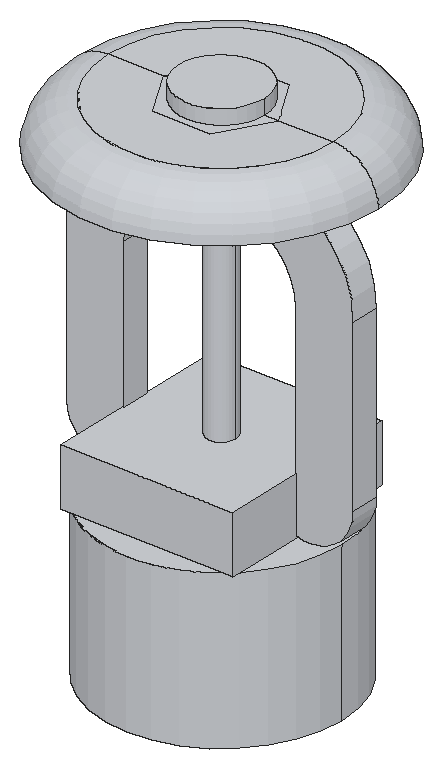
Revit family
Parameters (values of type "RASCO F1FR-300 UPRIGHT")
  Temperature Rating = 135 °F
  Response = 1
  RASCO SIN # = "R5622"
  RASCO Part # = "F1FRU0LC3"
  Pressure Rating = "300 PSI"
  Pressure Class = 1
  Orifice Size = 17/32"
  Orifice = (empty or 0)
  Model = "F1FR-300"
  Manufacturer = "RASCO"
  K-Factor = 8
  Description = "Chrome Finish"
  Coverage = (empty or 0)
Reference planes (in)
  plane 1 "Center (Front/Back)": y = 0
  plane 2: z = 0
  plane 3 "Center (Left/Right)": x = 0
Dimensions and locks (in)
  aligned and locked: plane 2 to level
Nested families (in)
  nested 1: "F1FRU0LC3" at (-0.01634, -0.12285, 0), type "RASCO F1FR-300 UPRIGHT"
Connectors (in)
  piping at (-0.01634, -0.12285, 0)
    settings: on nested 1, index 1, connector radius 1/2", flow factor 0, pipe flow 0 GPM, pressure drop 0.00 psi, fitting loss kfactor 0, connector angle 0.00°, fixture units 0, flow configuration 0, flow direction 0, fitting loss method 0, system type 7, connector reference index -1, connector utility 0, adjustable connector no, is connector primary yes, fitting loss table "", connector description ""
Definition of nested family "F1FRU0LC3"
  Parameters (values of type "RASCO F1FR-300 UPRIGHT")
    Type Comments = ""
    Temperature Rating = 0 °F
    Response = (empty or 0)
    Pressure Rating = "0"
    Pressure Class = (empty or 0)
    Orifice Size = 0"
    Orifice = (empty or 0)
    Model = ""
    Manufacturer = ""
    K-Factor = 0
    Description = ""
    Coverage = (empty or 0)
    Assembly Code = ""
  Reference planes (in)
    plane 1 "Center (Front/Back)": y = 0
    plane 2: z = 0
    plane 3 "ref.2": z = 0.6875
    plane 4 "ref.3": z = 0.9375
    plane 5: x = -0.38065
    plane 6: x = 0.36935
    plane 7 "ref. side 1": y = 0.06402
    plane 8 "ref. side 2": y = -0.06098
    plane 9 "ref.4": z = 1.875
    plane 10 "ref.5": z = 2.3125
    plane 11 "ref.6": z = 2.4375
  Forms (in)
    Extrusion 1, solid
      sketch origin (0, 0, 0) x (1, 0, 0) y (0, 1, 0)
        loop
          circle (0, 0) r 0.5221
      from 0 to 0.6875
    Extrusion 2, solid
      sketch origin (-0.12185, 0.05177, 0.6875) x (1, 0, 0) y (0, 1, 0)
        loop
          line (-0.2588, 0.356) -> (-0.2588, -0.4565) -> (0.4912, -0.4565) -> (0.4912, 0.356) -> (-0.2588, 0.356)
      from 0 to 0.25
    Extrusion 3, solid
      sketch origin (0, 0, 0) x (1, 0, 0) y (0, 0, 1)
        loop
          line (-0.38065, 0.69674) -> (-0.38065, 1.58397)
          arc (-0.38065, 1.58397) -> (-0.29541, 1.78976) -> (-0.08962, 1.875) r 0.29103
          line (-0.08962, 1.875) -> (0.07524, 1.875)
          arc (0.07524, 1.875) -> (0.28321, 1.78886) -> (0.36935, 1.58089) r 0.29411
          line (0.36935, 1.58089) -> (0.36935, 0.69728)
          arc (0.36935, 0.69728) -> (0.54046, 0.72329) -> (0.61935, 0.87734) r 0.18984
          line (0.61935, 0.87734) -> (0.61935, 1.61676)
          arc (0.61935, 1.61676) -> (0.48879, 1.93194) -> (0.17361, 2.0625) r 0.44574
          line (0.17361, 2.0625) -> (-0.18509, 2.0625)
          arc (-0.18509, 2.0625) -> (-0.50015, 1.932) -> (-0.63065, 1.61694) r 0.44556
          line (-0.63065, 1.61694) -> (-0.63065, 0.87876)
          arc (-0.63065, 0.87876) -> (-0.55196, 0.72414) -> (-0.38065, 0.69674) r 0.19126
      from -0.06402 to 0.06098
    Extrusion 4, solid
      sketch origin (0, 0, 0.9375) x (-1, 0, 0) y (0, -1, 0)
        loop
          circle (0.00574, -0.00152) r 0.0625
      from 0 to 0.9375
    Extrusion 5, solid
      sketch origin (0, 0, 1.875) x (-1, 0, 0) y (0, -1, 0)
        loop
          circle (0.00574, -0.00152) r 0.1875
      from 0 to 0.4375
    Revolve 6, solid
      sketch origin (0, 0, -0.2777) x (1, 0, 0) y (0, 0, 1)
        loop
          line (-0.19324, 2.33367) -> (-0.19324, 2.52696) -> (-0.25733, 2.52696) -> (-0.49638, 2.52696)
          arc (-0.49638, 2.52696) -> (-0.63432, 2.47056) -> (-0.69321, 2.33367) r 0.19686
          line (-0.69321, 2.33367) -> (-0.19324, 2.33367)
        axis (-0.00574, 2.33367) -> (-0.00574, 2.52696)
      angle from 0 to 360
  Cuts and joins
    joined: Extrusion 1, Extrusion 2, Extrusion 4, Revolve 6
  Lines and regions (in)
    model lines
      curve 1: line (-0.00574, 0.06402, 1.875) -> (-0.00574, -0.06098, 1.875)
  Dimensions and locks (in)
    Extrusion 3 to Extrusion 3 = 0' - 1 1/4"
    Extrusion 5 to cut or joined group of Extrusion 1, Extrusion 2, Extrusion 4, Revolve 6 = 0' - 2 5/16"
